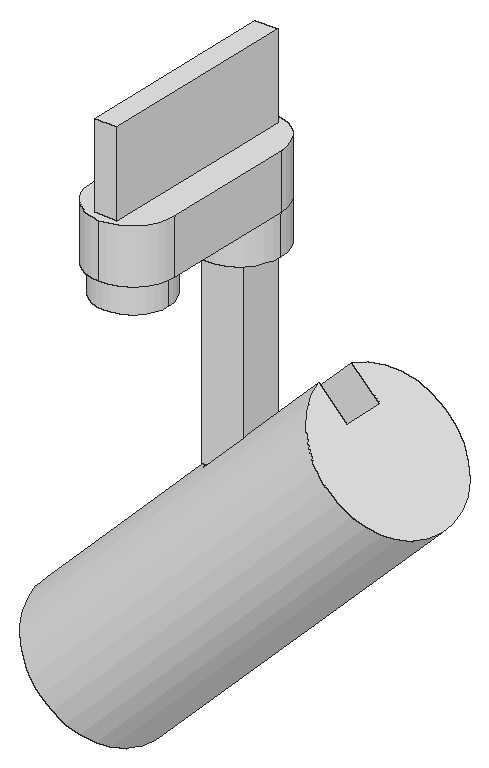
Revit family "GERA-4TR-R55", category Осветительные приборы, Revit 2017
Family settings
  Размер круглого соединителя = Использовать диаметр
  Тип детали = Нормальный
  На основе рабочей плоскости = Нет
  Всегда вертикально = Да
  При загрузке вырезать с полостями = Нет
  Источник света = Нет
  Общий = Нет
  Точка расчета площади = Нет
Parameters (values of type "024546 Светильник LGD-GERA-4TR-R55-10W Day (WH, 24 deg)")
  Цветовая температура (К) = "4000"
  Фотометрия = GERA-4TR-R55 IES Data : 024546_ LGD-GERA-4TR-R55-10W Day (WH, 24 deg)
  Угол поворота [instance] = 45.00°
  Угол [instance] = if(or(Угол поворота < 0.00°, Угол поворота > 89.00°), 45.00°, Угол поворота)  # 45.00°
  Разработчик (телефон) = "+7 (495) 781-05-35"  # constant formula
  Разработчик (e-mail) = "info@constructor.ru"  # constant formula
  Разработчик (URL) = "https://constructor.ru/"  # constant formula
  Разработчик = "НТЦ Конструктор"  # constant formula
  Полная установленная мощность = ADSK_Номинальная мощность / ADSK_Коэффициент мощности  # 11.1111 VA
  Поворот [instance] = not(Вниз)  # yes
  Описание = "Светильник подвесной для треков/шин 4 провода, 10 Вт. Цвет свечения ДНЕВНОЙ 4000K, световой поток 860-1060лм, угол 24°, CRI>90. Корпус круглый, металл, цвет белый, IP20. Размеры DxHxL Ø55x145x145 мм. Входное напряжение AC220-240V, мощность 10 Вт. Драйвер встроенный (27-38V, 260mA)"
  Контакты ООО "Арлайт РУС" для получения счёта = "roman@transistor.ru, T +7 495 926 56 50 (доб.1115), моб. +7 (925) 871-32-07"  # constant formula
  Комментарии к типоразмеру = "Арт. 024546"
  Исходная интенсивность (лм) = "1060"
  Изготовитель (телефон) = "8 800 505 26 29"  # constant formula
  Изготовитель (сайт) = "www.arlight.ru"  # constant formula
  Изготовитель = "ARLIGHT"  # constant formula
  Группа модели = "Светильники"  # constant formula
  Вниз [instance] = or(Угол поворота = 90.00°, Угол поворота = 270.00°)  # no
  URL = "https://arlight.ru/catalog/product/svetilnik-lgd-gera-4tr-r55-10w-day-wh-24-deg-024546/"
  ARL_Цвет свечения = "Дневной 4000K"
  ARL_Цвет покрытия = "Белый"
  ARL_Угол обзора = "24°"
  ARL_Тип товара = "Светильник"
  ARL_Способ монтажа = "на трек 3-фазный"
  ARL_Серия = "GERA"
  ARL_Рабочая температура окружающей среды = "-25...+45 °C"
  ARL_Обозначение корпуса = "Корпус круглый, металл, цвет белый"
  ARL_Область использования = "Для освещения в торговых залах, шоурумах, выставочных и музейных экспозициях и в жилых помещениях с высокими требованиями к качеству света"
  ARL_Материал корпуса = Металл, белый
  ARL_Класс пылевлагозащиты = "IP20"
  ARL_Класс защиты от поражения электрическим током = "II"
  ARL_Индекс цветопередачи = ">90"
  ARL_Драйвер = "Встроенный (27-38V, 260mA)"
  ADSK_Ток = ADSK_Номинальная мощность / (ADSK_Коэффициент мощности * ADSK_Напряжение * sqrt(ADSK_Количество фаз числовое))  # 0.0483092 A
  ADSK_Размер_Длина = 145 mm
  ADSK_Размер_Диаметр = 55 mm
  ADSK_Размер_Высота = 145 mm
  ADSK_Примечание = ""
  ADSK_Полная мощность = ADSK_Номинальная мощность / ADSK_Коэффициент мощности  # 11.1111 VA
  ADSK_Позиция = ""
  ADSK_Номинальная мощность = 10 W
  ADSK_Напряжение = 230 V
  ADSK_Наименование = "Светильник"
  ADSK_Масса_Текст = "0.45"
  ADSK_Марка = "LGD-GERA-4TR-R55-10W Day"
  ADSK_Коэффициент мощности = 0.9
  ADSK_Количество фаз числовое = 1
  ADSK_Количество фаз = 1
  ADSK_Код изделия = Комментарии к типоразмеру  # "Арт. 024546"
  ADSK_Классификация нагрузок = Освещение
  ADSK_Завод-изготовитель = Изготовитель  # "ARLIGHT"
  ADSK_Единица измерения = "шт."
Types (12, lengths in mm): name | Цветовая температура (К) | Фотометрия | Описание | Комментарии к типоразмеру | URL | ARL_Цвет свечения | ARL_Цвет покрытия | ARL_Обозначение корпуса | ARL_Материал корпуса | ADSK_Марка | ADSK_Код изделия
  024616(2) Светильник LGD-GERA-4TR-R55-10W Warm3000 (BK, 24 deg, 230V) | "3000" | GERA-4TR-R55 IES Data : 024616(2)_LGD-GERA-4TR-R55-10W Warm3000 (BK, 24 deg, 230V) | "Светильник подвесной для треков/шин 4 провода, 10 Вт. Цвет свечения БЕЛЫЙ 6000K, световой поток 860-1060лм, угол 24°, CRI>90. Корпус круглый, металл, цвет белый, IP20. Размеры DxHxL Ø55x145x145 мм. Входное напряжение AC220-240V, мощность 10 Вт. Драйвер встроенный (27-38V, 260mA)" | "Арт. 024547(1)" | "https://arlight.ru/catalog/product/svetilnik-lgd-gera-4tr-r55-10w-white6000-wh-24-deg-230v-024547-1/" | "Белый 6000K" | "Белый" | "Корпус круглый, металл, цвет белый" | Металл, белый | "LGD-GERA-4TR-R55-10W White6000" | "Арт. 024547(1)"
  024616 Светильник LGD-GERA-4TR-R55-10W Warm (BK, 24 deg) | "3000" | GERA-4TR-R55 IES Data : 024616_ LGD-GERA-4TR-R55-10W Warm (BK, 24 deg) | "Светильник подвесной для треков/шин 4 провода, 10 Вт. Цвет свечения ТЕПЛЫЙ 3000K, световой поток 860-1060лм, угол 24°, CRI>90. Корпус круглый, металл, цвет черный. Размеры DxHxL Ø55x145x145 мм. Входное напряжение AC220-240V, мощность 10 Вт. Драйвер встроенный (27-38V, 260mA)" | "Арт. 024616" | "https://arlight.ru/catalog/product/svetilnik-lgd-gera-4tr-r55-10w-warm-bk-24-deg-024616/" | "Теплый 3000K" | "Черный" | "Корпус круглый, металл, цвет черный" | Металл, чёрный | "LGD-GERA-4TR-R55-10W Warm" | "Арт. 024616"
  024614(1) Светильник LGD-GERA-4TR-R55-10W Day4000 (BK, 24 deg, 230V) | "4000" | GERA-4TR-R55 IES Data : 024614(1)_LGD-GERA-4TR-R55-10W Day4000 (BK, 24 deg, 230V) | "Светильник подвесной для треков/шин 4 провода, 10 Вт. Цвет свечения ДНЕВНОЙ 4000K, световой поток 860-1060лм, угол 24°, CRI>90. Корпус круглый, металл, цвет черный. Размеры DxHxL Ø55x145x145 мм. Входное напряжение AC220-240V, мощность 10 Вт. Драйвер встроенный (27-38V, 260mA)" | "Арт. 024614(1)" | "https://arlight.ru/catalog/product/svetilnik-lgd-gera-4tr-r55-10w-day4000-bk-24-deg-230v-024614-1/" | "Дневной 4000K" | "Черный" | "Корпус круглый, металл, цвет черный" | Металл, чёрный | "LGD-GERA-4TR-R55-10W Day4000" | "Арт. 024614(1)"
  024614 Светильник LGD-GERA-4TR-R55-10W Day (BK, 24 deg) | "4000" | GERA-4TR-R55 IES Data : 024614_ LGD-GERA-4TR-R55-10W Day (BK, 24 deg) | "Светильник подвесной для треков/шин 4 провода, 10 Вт. Цвет свечения ДНЕВНОЙ 4000K, световой поток 860-1060лм, угол 24°, CRI>90. Корпус круглый, металл, цвет черный. Размеры DxHxL Ø55x145x145 мм. Входное напряжение AC220-240V, мощность 10 Вт. Драйвер встроенный (27-38V, 260mA)" | "Арт. 024614" | "https://arlight.ru/catalog/product/svetilnik-lgd-gera-4tr-r55-10w-day-bk-24-deg-024614/" | "Дневной 4000K" | "Черный" | "Корпус круглый, металл, цвет черный" | Металл, чёрный | "LGD-GERA-4TR-R55-10W Day" | "Арт. 024614"
  024613(1) Светильник LGD-GERA-4TR-R55-10W White6000 (BK, 24 deg, 230V) | "6000" | GERA-4TR-R55 IES Data : 024613(1)_LGD-GERA-4TR-R55-10W White6000 (BK, 24 deg, 230V) | "Светильник подвесной для треков/шин 4 провода, 10 Вт. Цвет свечения БЕЛЫЙ 6000K, световой поток 860-1060лм, угол 24°, CRI>90. Корпус круглый, металл, цвет черный. Размеры DxHxL Ø55x145x145 мм. Входное напряжение AC220-240V, мощность 10 Вт. Драйвер встроенный (27-38V, 260mA)" | "Арт. 024613(1)" | "https://arlight.ru/catalog/product/svetilnik-lgd-gera-4tr-r55-10w-white6000-bk-24-deg-230v-024613-1/" | "Белый 6000K" | "Черный" | "Корпус круглый, металл, цвет черный" | Металл, чёрный | "LGD-GERA-4TR-R55-10W White6000" | "Арт. 024613(1)"
  024613 Светильник LGD-GERA-4TR-R55-10W White (BK, 24 deg) | "6000" | GERA-4TR-R55 IES Data : 024613 LGD-GERA-4TR-R55-10W White (BK, 24 deg) | "Светильник подвесной для треков/шин 4 провода, 10 Вт. Цвет свечения БЕЛЫЙ 6000K, световой поток 860-1060лм, угол 24°, CRI>90. Корпус круглый, металл, цвет черный. Размеры DxHxL Ø55x145x145 мм. Входное напряжение AC220-240V, мощность 10 Вт. Драйвер встроенный (27-38V, 260mA)" | "Арт. 024613" | "https://arlight.ru/catalog/product/svetilnik-lgd-gera-4tr-r55-10w-white-bk-24-deg-024613/" | "Белый 6000K" | "Черный" | "Корпус круглый, металл, цвет черный" | Металл, чёрный | "LGD-GERA-4TR-R55-10W White" | "Арт. 024613"
  024084(1) Светильник LGD-GERA-4TR-R55-10W Warm3000 (WH, 24 deg, 230V) | "3000" | GERA-4TR-R55 IES Data : 024084(1)_ LGD-GERA-4TR-R55-10W Warm3000 (WH, 24 deg, 230V) | "Светильник подвесной для треков/шин 4 провода, 10 Вт. Цвет свечения ТЕПЛЫЙ 3000K, световой поток 860-1060лм, угол 24°, CRI>90. Корпус круглый, металл, цвет белый, IP20. Размеры DxHxL Ø55x145x145 мм. Входное напряжение AC220-240V, мощность 10 Вт. Драйвер встроенный (27-38V, 260mA)" | "Арт. 024084(1)" | "https://arlight.ru/catalog/product/svetilnik-lgd-gera-4tr-r55-10w-warm3000-wh-24-deg-230v-024084-1/" | "Теплый 3000K" | "Белый" | "Корпус круглый, металл, цвет белый" | Металл, белый | "LGD-GERA-4TR-R55-10W Warm3000" | "Арт. 024084(1)"
  024084 Светильник LGD-GERA-4TR-R55-10W Warm (WH, 24 deg) | "3000" | GERA-4TR-R55 IES Data : 024084_ LGD-GERA-4TR-R55-10W Warm (WH, 24 deg) | "Светильник подвесной для треков/шин 4 провода, 10 Вт. Цвет свечения ТЕПЛЫЙ 3000K, световой поток 860-1060лм, угол 24°, CRI>90. Корпус круглый, металл, цвет белый, IP20. Размеры DxHxL Ø55x145x145 мм. Входное напряжение AC220-240V, мощность 10 Вт. Драйвер встроенный (27-38V, 260mA)" | "Арт. 024084" | "https://arlight.ru/catalog/product/svetilnik-lgd-gera-4tr-r55-10w-warm-wh-24-deg-024084/" | "Теплый 3000K" | "Белый" | "Корпус круглый, металл, цвет белый" | Металл, белый | "LGD-GERA-4TR-R55-10W Warm" | "Арт. 024084"
  024546(2) Светильник LGD-GERA-4TR-R55-10W Day4000 (WH, 24 deg, 230V) | "4000" | GERA-4TR-R55 IES Data : 024546 (2)_ LGD-GERA-4TR-R55-10W Day (WH, 24 deg) | "Светильник подвесной для треков/шин 4 провода, 10 Вт. Цвет свечения ДНЕВНОЙ 4000K, световой поток 860-1060лм, угол 24°, CRI>90. Корпус круглый, металл, цвет белый, IP20. Размеры DxHxL Ø55x145x145 мм. Входное напряжение AC220-240V, мощность 10 Вт. Драйвер встроенный (27-38V, 260mA)" | "Арт. 024546(2)" | "https://arlight.ru/catalog/product/svetilnik-lgd-gera-4tr-r55-10w-day4000-wh-24-deg-230v-024546-2/" | "Дневной 4000K" | "Белый" | "Корпус круглый, металл, цвет белый" | Металл, белый | "LGD-GERA-4TR-R55-10W Day4000" | "Арт. 024546(2)"
  024546 Светильник LGD-GERA-4TR-R55-10W Day (WH, 24 deg) | "4000" | GERA-4TR-R55 IES Data : 024546_ LGD-GERA-4TR-R55-10W Day (WH, 24 deg) | "Светильник подвесной для треков/шин 4 провода, 10 Вт. Цвет свечения ДНЕВНОЙ 4000K, световой поток 860-1060лм, угол 24°, CRI>90. Корпус круглый, металл, цвет белый, IP20. Размеры DxHxL Ø55x145x145 мм. Входное напряжение AC220-240V, мощность 10 Вт. Драйвер встроенный (27-38V, 260mA)" | "Арт. 024546" | "https://arlight.ru/catalog/product/svetilnik-lgd-gera-4tr-r55-10w-day-wh-24-deg-024546/" | "Дневной 4000K" | "Белый" | "Корпус круглый, металл, цвет белый" | Металл, белый | "LGD-GERA-4TR-R55-10W Day" | "Арт. 024546"
  024547(1) Светильник LGD-GERA-4TR-R55-10W White6000 (WH, 24 deg, 230V) | "6000" | GERA-4TR-R55 IES Data : 024547(1)_LGD-GERA-4TR-R55-10W White6000 (WH, 24 deg, 230V) | "Светильник подвесной для треков/шин 4 провода, 10 Вт. Цвет свечения БЕЛЫЙ 6000K, световой поток 860-1060лм, угол 24°, CRI>90. Корпус круглый, металл, цвет белый, IP20. Размеры DxHxL Ø55x145x145 мм. Входное напряжение AC220-240V, мощность 10 Вт. Драйвер встроенный (27-38V, 260mA)" | "Арт. 024547(1)" | "https://arlight.ru/catalog/product/svetilnik-lgd-gera-4tr-r55-10w-white6000-wh-24-deg-230v-024547-1/" | "Белый 6000K" | "Белый" | "Корпус круглый, металл, цвет белый" | Металл, белый | "LGD-GERA-4TR-R55-10W White6000" | "Арт. 024547(1)"
  024547 Светильник LGD-GERA-4TR-R55-10W White (WH, 24 deg) | "6000" | GERA-4TR-R55 IES Data : 024547_ LGD-GERA-4TR-R55-10W White (WH, 24 deg) | "Светильник подвесной для треков/шин 4 провода, 10 Вт. Цвет свечения БЕЛЫЙ 6000K, световой поток 860-1060лм, угол 24°, CRI>90. Корпус круглый, металл, цвет белый, IP20. Размеры DxHxL Ø55x145x145 мм. Входное напряжение AC220-240V, мощность 10 Вт. Драйвер встроенный (27-38V, 260mA)" | "Арт. 024547" | "https://arlight.ru/catalog/product/svetilnik-lgd-gera-4tr-r55-10w-white-wh-24-deg-024547/" | "Белый 6000K" | "Белый" | "Корпус круглый, металл, цвет белый" | Металл, белый | "LGD-GERA-4TR-R55-10W White" | "Арт. 024547"
Reference planes
  plane 1 "По центру (Вперед/Назад)": y = 0
  plane 2: z = 0
  plane 3 "По центру (Влево/Вправо)": x = 0
  plane 4: x = -72.5
  plane 5: x = 72.5
  plane 6: y = 27.5
  plane 7: y = -27.5
  plane 8: z = -145
  plane 9: through (24.084, -1524, -78.584) normal (0.7071, 0, 0.7071)
  plane 10: x = 35.5
  plane 11: z = -53
Forms (mm)
  Extrusion 1, solid, material "Металл, белый" <- "ARL_Материал корпуса", visible <- "Поворот", detail levels medium+fine
    sketch origin (24.084, -1524, -78.584) x (-0.707107, 0, 0.707107) y (0, -1, 0)
      loop
        circle (-43.645, -1524) r 27.5
    from -108 to 37
  Extrusion 2, solid, material "Металл, белый" <- "ARL_Материал корпуса", detail levels fine
    sketch origin (-22.117, 0, 0) x (1, 0, 0) y (0, 1, 0)
      loop
        line (42.617, 7.5) -> (42.617, -7.5) -> (57.617, -7.5) -> (57.617, 7.5) -> (42.617, 7.5)
    from -105 to -34
  Extrusion 3, solid, material "Металл, белый" <- "ARL_Материал корпуса", detail levels medium+fine
    sketch origin (-144.605, -24, 0) x (1, 0, 0) y (0, 1, 0)
      loop
        line (168.605, -35.908) -> (176.605, -35.908) -> (176.605, 35.908) -> (168.605, 35.908) -> (168.605, -35.908)
    from 0 to 30
  Extrusion 4, solid, material "Металл, белый" <- "ARL_Материал корпуса", detail levels medium+fine
    sketch origin (-144.605, -24, 0) x (1, 0, 0) y (0, 1, 0)
      loop
        arc (157.605, -24) -> (161.999, -34.607) -> (172.605, -39) r 15
        arc (172.605, -39) -> (183.212, -34.607) -> (187.605, -24) r 15
        line (187.605, -24) -> (187.605, 24)
        arc (187.605, 24) -> (183.212, 34.607) -> (172.605, 39) r 15
        arc (172.605, 39) -> (161.999, 34.607) -> (157.605, 24) r 15
        line (157.605, 24) -> (157.605, -24)
    from 0 to -19.6
  Extrusion 5, solid, material "Металл, белый" <- "ARL_Материал корпуса", detail levels fine
    sketch origin (-144.343, -24.263, 0) x (1, 0, 0) y (0, 1, 0)
      loop
        circle (172.343, 24.074) r 15
    from -34 to -19.6
  Extrusion 6, solid, material "Металл, белый" <- "ARL_Материал корпуса", detail levels fine
    sketch origin (-144.605, -24, 0) x (1, 0, 0) y (0, 1, 0)
      loop
        circle (172.605, -24) r 13
    from -29.6 to -19.6
  Extrusion 7, solid, material "Металл, белый" <- "ARL_Материал корпуса", detail levels medium
    sketch origin (-22.117, 0, 0) x (1, 0, 0) y (0, 1, 0)
      loop
        line (42.617, 7.5) -> (42.617, -7.5) -> (57.617, -7.5) -> (57.617, 7.5) -> (42.617, 7.5)
    from -105 to -19.6
  Extrusion 8, void
    sketch origin (24.084, -1524, -78.584) x (-0.707107, 0, 0.707107) y (0, -1, 0)
      loop
        circle (-43.645, -1524) r 22.5
    from -108 to -88
  Extrusion 9, solid, material "Стекло, белое, высокой яркости", visible <- "Поворот", detail levels medium+fine
    sketch origin (24.084, -1524, -78.584) x (-0.707107, 0, 0.707107) y (0, -1, 0)
      loop
        circle (-43.645, -1524) r 22.5
    from -98 to -88
  Extrusion 10, solid, material "Металл, белый" <- "ARL_Материал корпуса", visible <- "Вниз", detail levels medium+fine
    sketch origin (35.5, -1524, -53) x (-1, 0, 0) y (0, -1, 0)
      loop
        circle (-27.5, -1524) r 27.5
    from -145 to 0
  Extrusion 11, solid, material "Стекло, белое, высокой яркости", visible <- "Вниз", detail levels fine
    sketch origin (35.5, -1524, -53) x (-1, 0, 0) y (0, -1, 0)
      loop
        circle (-27.5, -1524) r 22.5
    from -135 to -125
  Extrusion 12, void
    sketch origin (35.5, -1524, -53) x (-1, 0, 0) y (0, -1, 0)
      loop
        circle (-27.5, -1524) r 22.5
    from -145 to -125
  Extrusion 13, void
    sketch origin (0, 0, 0) x (1, 0, 0) y (0, 0, 1)
      loop
        line (50.5, -53) -> (35.5, -53) -> (35.5, -112.29) -> (50.5, -112.29) -> (50.5, -53)
    from -7.5 to 7.5
  Extrusion 14, void
    sketch origin (24.084, -1524, -78.584) x (0.707107, 0, -0.707107) y (0, -1, 0)
      loop
        line (15.171, -1531.5) -> (31.145, -1531.5) -> (31.145, -1516.5) -> (15.171, -1516.5) -> (15.171, -1531.5)
    from -37 to 21.468
Cuts and joins
  Extrusion 8, Extrusion 14 cuts Extrusion 1
  Extrusion 12, Extrusion 13 cuts Extrusion 10
Dimensions and locks
  equal spacing: plane 6, plane 1 "По центру (Вперед/Назад)", plane 7
  "ADSK_Размер_Диаметр": plane 6 to plane 7
  equal spacing: plane 4, plane 3 "По центру (Влево/Вправо)", plane 5
  "ADSK_Размер_Длина": plane 4 to plane 5
  "ADSK_Размер_Высота": plane 2 to plane 8
  Extrusion 2 sketch curve to Extrusion 2 sketch curve = 15 mm  (x2)
  Extrusion 7 sketch curve to Extrusion 7 sketch curve = 15 mm  (x2)
  "Угол": angle plane 10 to plane 9
  aligned and locked: level to plane 2
Automatic sketch dimensions
  plane 1 "По центру (Вперед/Назад)" to Extrusion 1 sketch curve = 0 mm
  plane 1 "По центру (Вперед/Назад)" to Extrusion 2 sketch curve = 7.5 mm
  plane 3 "По центру (Влево/Вправо)" to Extrusion 2 sketch curve = 20.5 mm
  Extrusion 3 sketch curve to plane 1 "По центру (Вперед/Назад)" = 11.908 mm
  plane 3 "По центру (Влево/Вправо)" to Extrusion 3 sketch curve = 24 mm
  Extrusion 3 sketch curve to Extrusion 3 sketch curve = 8 mm
  Extrusion 3 sketch curve to plane 7 = 32.408 mm
  Extrusion 4 sketch curve to Extrusion 4 sketch curve = 0 mm  (x4)
  plane 1 "По центру (Вперед/Назад)" to Extrusion 4 sketch curve = 0 mm
  plane 3 "По центру (Влево/Вправо)" to Extrusion 4 sketch curve = 13 mm
  Extrusion 4 sketch curve to Extrusion 4 sketch curve = 15 mm
  Extrusion 4 sketch curve to plane 7 = 20.5 mm
  Extrusion 5 sketch curve to plane 1 "По центру (Вперед/Назад)" = 0.188 mm
  Extrusion 5 sketch curve to plane 3 "По центру (Влево/Вправо)" = 28 mm
  Extrusion 6 sketch curve to plane 3 "По центру (Влево/Вправо)" = 28 mm
  plane 7 to Extrusion 6 sketch curve = 20.5 mm
  plane 1 "По центру (Вперед/Назад)" to Extrusion 7 sketch curve = 7.5 mm
  plane 3 "По центру (Влево/Вправо)" to Extrusion 7 sketch curve = 20.5 mm
  plane 1 "По центру (Вперед/Назад)" to Extrusion 8 sketch curve = 0 mm
  plane 1 "По центру (Вперед/Назад)" to Extrusion 9 sketch curve = 0 mm
  plane 1 "По центру (Вперед/Назад)" to Extrusion 10 sketch curve = 0 mm
  Extrusion 10 sketch curve to plane 5 = 9.5 mm
  plane 1 "По центру (Вперед/Назад)" to Extrusion 11 sketch curve = 0 mm
  Extrusion 11 sketch curve to plane 5 = 9.5 mm
  plane 1 "По центру (Вперед/Назад)" to Extrusion 12 sketch curve = 0 mm
  Extrusion 12 sketch curve to plane 5 = 9.5 mm
  Extrusion 13 sketch curve to plane 11 = 0 mm
  plane 10 to Extrusion 13 sketch curve = 15 mm
  Extrusion 13 sketch curve to plane 10 = 0 mm
  plane 8 to Extrusion 13 sketch curve = 32.71 mm
  Extrusion 14 sketch curve to plane 1 "По центру (Вперед/Назад)" = 7.5 mm
  plane 1 "По центру (Вперед/Назад)" to Extrusion 14 sketch curve = 7.5 mm
  Extrusion 14 sketch curve to Extrusion 14 sketch curve = 15.974 mm
  radius of Extrusion 1 sketch curve = 27.5 mm
  radius of Extrusion 5 sketch curve = 15 mm
  radius of Extrusion 6 sketch curve = 13 mm
  radius of Extrusion 8 sketch curve = 22.5 mm
  radius of Extrusion 9 sketch curve = 22.5 mm
  radius of Extrusion 10 sketch curve = 27.5 mm
  radius of Extrusion 11 sketch curve = 22.5 mm
  radius of Extrusion 12 sketch curve = 22.5 mm
Nested families
  nested 1: "УГО" at (28.338, 0, 0), type "УГО", detail levels coarse
  nested 2: "GERA-4TR-R55 IES Data" at (-14.515, -0.156, -178.578) x (-0.7071, 0, 0.7071) z (0.7071, 0, 0.7071), visible <- "Поворот", type "024547_ LGD-GERA-4TR-R55-10W White (WH, 24 deg)"
  nested 3: "GERA-4TR-R55 IES Data" at (62.949, 0, -188) x (-1, 0, 0) z (0, 0, 1), visible <- "Вниз", type "024547_ LGD-GERA-4TR-R55-10W White (WH, 24 deg)"
Connectors
  electrical at (28, -24, 30), driven by "ADSK_Количество фаз", driven by "ADSK_Классификация нагрузок", driven by "ADSK_Напряжение", driven by "ADSK_Полная мощность", driven by "ADSK_Коэффициент мощности"
    settings: on Extrusion 3, index 1, voltage 230 V, apparent load 11.1111 VA, apparent load phase1 0 VA, apparent load phase2 0 VA, apparent load phase3 0 VA, power factor 0.9, load classification "Освещение", number of poles 1, system type 30, power factor state 1, is connector primary yes, connector utility no, sub classification motor no, connector description ""
Definition of nested family "УГО"
  Reference planes
    plane 1: y = 0
    plane 2: x = 0
  Lines and regions (mm)
    detail lines
      curve 1: circle (0, 0, 0) r 2.462 normal (0, 0, 1)
      curve 2: line (1, 2.25, 0) -> (1, -2.25, 0)
      curve 3: line (-1, 2.25, 0) -> (-1, -2.25, 0)
Definition of nested family "GERA-4TR-R55 IES Data"
  Parameters (values of type "024616_ LGD-GERA-4TR-R55-10W Warm (BK, 24 deg)")
    Wattage = 7.13612 W
    built-in parameter 1150110 = 1 (stored number, unit not read)
    built-in parameter 1114217 = 1 (stored number, unit not read)
    Tilt Angle = 90.00°
    built-in parameter 1150109 = 1 (stored number, unit not read)
    built-in parameter 1150134 = (empty or 0)
    built-in parameter 1150113 = 1 (stored number, unit not read)
    Photometric Web File = "024616_ LGD-GERA-4TR-R55-10W Warm (BK, 24 deg).ies"
    Model = ""
    Manufacturer = "ARLIGHT"
    built-in parameter 1150105 = 7165 (stored number, unit not read)
    Lumens = 1060 lm
    built-in parameter 1150115 = 1 (stored number, unit not read)
    built-in parameter 1150137 = (empty or 0)
    built-in parameter 1150139 = (empty or 0)
    built-in parameter 1150112 = 1 (stored number, unit not read)
    built-in parameter 1150114 = 1 (stored number, unit not read)
    Lamp = ""
    built-in parameter 1150132 = 2
    built-in parameter 1150102 = (empty or 0)
    built-in parameter 1150107 = 3000 (stored number, unit not read)
    built-in parameter 1150138 = (empty or 0)
    built-in parameter 1150106 = 71.65 (stored number, unit not read)
    Emit from Circle Diameter = 45 mm
    Emit Shape Visible in Rendering = no
    built-in parameter 1150104 = 13.8 (stored number, unit not read)
    Dimming Lamp Color Temperature Shift = (empty or 0)
    Description = ""
    Default Elevation = 0 mm
    Content Creator = ""
    Color Filter = 16777215
    built-in parameter 1114218 = 1 (stored number, unit not read)
    built-in parameter 1150133 = 10 (stored number, unit not read)
    Apparent Load = 0 VA
  Types (12, lengths in mm): name | built-in parameter 1150134 | Photometric Web File | built-in parameter 1150105 | built-in parameter 1150107 | built-in parameter 1150106
    024547_ LGD-GERA-4TR-R55-10W White (WH, 24 deg) | 5 | "024547_ LGD-GERA-4TR-R55-10W White (WH, 24 deg).ies" | 7165 (stored number, unit not read) | 6000 (stored number, unit not read) | 71.65 (stored number, unit not read)
    024547(1)_LGD-GERA-4TR-R55-10W White6000 (WH, 24 deg, 230V) | 5 | "024547(1)_LGD-GERA-4TR-R55-10W White6000 (WH, 24 deg, 230V).ies" | 7165 (stored number, unit not read) | 6000 (stored number, unit not read) | 71.65 (stored number, unit not read)
    024546_ LGD-GERA-4TR-R55-10W Day (WH, 24 deg) | 12 | "024546_ LGD-GERA-4TR-R55-10W Day (WH, 24 deg).ies" | 7165 (stored number, unit not read) | 4000 (stored number, unit not read) | 71.65 (stored number, unit not read)
    024546 (2)_ LGD-GERA-4TR-R55-10W Day (WH, 24 deg) | 12 | "024546 (2)_ LGD-GERA-4TR-R55-10W Day (WH, 24 deg).ies" | 7165 (stored number, unit not read) | 4000 (stored number, unit not read) | 71.65 (stored number, unit not read)
    024084_ LGD-GERA-4TR-R55-10W Warm (WH, 24 deg) | (empty or 0) | "024084_ LGD-GERA-4TR-R55-10W Warm (WH, 24 deg).ies" | 7165 (stored number, unit not read) | 3000 (stored number, unit not read) | 71.65 (stored number, unit not read)
    024084(1)_ LGD-GERA-4TR-R55-10W Warm3000 (WH, 24 deg, 230V) | (empty or 0) | "024084(1)_ LGD-GERA-4TR-R55-10W Warm3000 (WH, 24 deg, 230V).ies" | 7165 (stored number, unit not read) | 3000 (stored number, unit not read) | 71.65 (stored number, unit not read)
    024613 LGD-GERA-4TR-R55-10W White (BK, 24 deg) | 5 | "024613 LGD-GERA-4TR-R55-10W White (BK, 24 deg).ies" | 7165 (stored number, unit not read) | 6000 (stored number, unit not read) | 71.65 (stored number, unit not read)
    024613(1)_LGD-GERA-4TR-R55-10W White6000 (BK, 24 deg, 230V) | 5 | "024613(1)_LGD-GERA-4TR-R55-10W White6000 (BK, 24 deg, 230V).ies" | 7165 (stored number, unit not read) | 6000 (stored number, unit not read) | 71.65 (stored number, unit not read)
    024614_ LGD-GERA-4TR-R55-10W Day (BK, 24 deg) | 12 | "024614_ LGD-GERA-4TR-R55-10W Day (BK, 24 deg).ies" | 7176.7 (stored number, unit not read) | 4000 (stored number, unit not read) | 71.767 (stored number, unit not read)
    024614(1)_LGD-GERA-4TR-R55-10W Day4000 (BK, 24 deg, 230V) | 12 | "024614(1)_LGD-GERA-4TR-R55-10W Day4000 (BK, 24 deg, 230V).ies" | 7165 (stored number, unit not read) | 4000 (stored number, unit not read) | 71.65 (stored number, unit not read)
    024616_ LGD-GERA-4TR-R55-10W Warm (BK, 24 deg) | (empty or 0) | "024616_ LGD-GERA-4TR-R55-10W Warm (BK, 24 deg).ies" | 7165 (stored number, unit not read) | 3000 (stored number, unit not read) | 71.65 (stored number, unit not read)
    024616(2)_LGD-GERA-4TR-R55-10W Warm3000 (BK, 24 deg, 230V) | 5 | "024616(2)_LGD-GERA-4TR-R55-10W Warm3000 (BK, 24 deg, 230V).ies" | 7165 (stored number, unit not read) | 6000 (stored number, unit not read) | 71.65 (stored number, unit not read)
  Reference planes
    plane 1 "Center (Front/Back)": y = 0
    plane 2: z = 0
    plane 3 "Center (Left/Right)": x = 0
  Forms (mm)
    Extrusion 1, solid
      sketch origin (0, 0, 0) x (1, 0, 0) y (0, 1, 0)
        loop
          line (-1219.2, 1219.2) -> (-1219.2, -1219.2) -> (1219.2, -1219.2) -> (1219.2, 1219.2) -> (-1219.2, 1219.2)
      from 0 to 123.942
  Dimensions and locks
    aligned and locked: plane 2 to Extrusion 1
    aligned and locked: level to Extrusion 1
